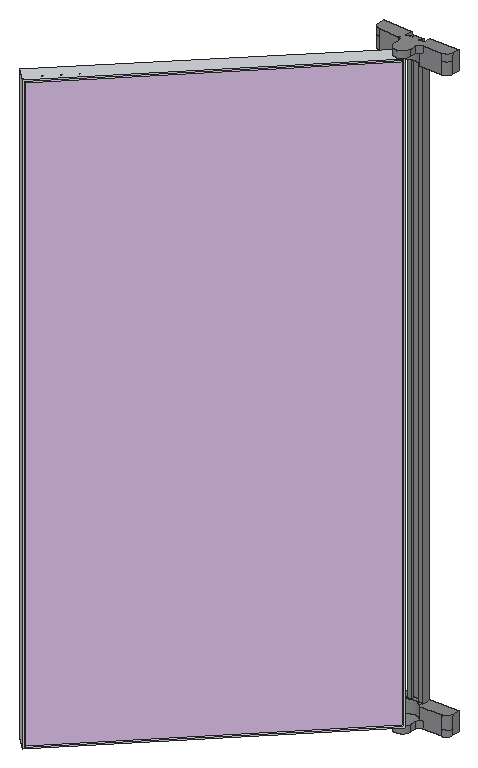
Revit family "Clarus_Flip_R18", category Furniture, host Face, Revit 2018
Family settings
  Host = Face
  Cut with Voids When Loaded = No
  Shared = No
  Room Calculation Point = No
Parameters
  Width = 48"  # constant formula
  URL = "https://www.clarus.com/"
  TRC Standards [instance] = "http://therevitcollection.com/news/trc-news-the-revit-collection-standards-explained/"
  Swing Control [instance] = 135.00°
  Swing Clearance [instance] = yes
  Product URL = "https://www.clarus.com/flip/"
  More Revit Families! [instance] = "www.therevitcollection.com"
  Modeled By = "Commense Studio"  # constant formula
  Model = "Flip"  # constant formula
  Manufacturer = "Clarus"  # constant formula
  Height = 49"  # constant formula
  Frame Finish [instance] = Clarus Gray
  Description = "Why limit a glassboard to one side? Re-think the way work spaces use writable\r\nsurfaces with Flip by Clarus™. Flip allows both sides of a Clarus board to be\r\nutilized for a heightened design aesthetic and elegant functionality."  # constant formula
  Height to Base [instance] = 24"
  Designer = ""
  Depth = 1 215/256"  # constant formula
  Default Elevation = 0"
  Panel A [instance] = Clarus White
  Assembly Code = ""
  Panel B [instance] = Clarus Acoustic Panel - Triangle Grid_Flip
Reference planes (in)
  plane 1 "Center (Front/Back)": y = 0
  plane 2: z = 0
  plane 3 "Center (Left/Right)": x = 0
  plane 4 "L": x = -24
  plane 5 "R": x = 24
  plane 6 "F": y = -1.83984
  plane 7: z = 24
  plane 8: z = 25.5
  plane 9: z = 73
  plane 10: z = 71.5
  plane 11 "BASE": z = 24.5
  plane 12: z = 72.5
Forms (in)
  Extrusion 1, solid, material "Clarus Gray" <- "Frame Finish"
    sketch origin (0, 0, 0) x (1, 0, 0) y (0, 1, 0)
      loop
        line (-2.50462, -1.02865) -> (-0.73338, -1.02865)
        arc (-0.73338, -1.02865) -> (0, -0.67339) -> (0.73338, -1.02865) r 0.9346
        line (0.73338, -1.02865) -> (2.50463, -1.02865)
        arc (2.50463, -1.02865) -> (2.85818, -0.88221) -> (3.00463, -0.52865) r 0.5
        line (3.00463, -0.52865) -> (3.00463, 0) -> (0.747, 0) -> (0.747, -0.57812) -> (0.29688, -0.57812) -> (0.29688, -0.48437) -> (0.42188, -0.48437) -> (0.42188, -0.26562) -> (-0.42187, -0.26562) -> (-0.42187, -0.48437) -> (-0.29687, -0.48437) -> (-0.29687, -0.57812) -> (-0.747, -0.57812) -> (-0.747, 0) -> (-3.00462, 0) -> (-3.00462, -0.52865)
        arc (-3.00462, -0.52865) -> (-2.85818, -0.88221) -> (-2.50462, -1.02865) r 0.5
    from 24 to 25.5
  Extrusion 2, solid, material "Clarus Gray" <- "Frame Finish"
    sketch origin (0, 0, 0) x (1, 0, 0) y (0, 1, 0)
      loop
        line (-2.50462, -1.02865) -> (-0.73338, -1.02865)
        arc (-0.73338, -1.02865) -> (0, -0.67339) -> (0.73338, -1.02865) r 0.9346
        line (0.73338, -1.02865) -> (2.50463, -1.02865)
        arc (2.50463, -1.02865) -> (2.85818, -0.88221) -> (3.00463, -0.52865) r 0.5
        line (3.00463, -0.52865) -> (3.00463, 0) -> (0.747, 0) -> (0.747, -0.57812) -> (0.29688, -0.57812) -> (0.29688, -0.48437) -> (0.42188, -0.48437) -> (0.42188, -0.26562) -> (-0.42187, -0.26562) -> (-0.42187, -0.48437) -> (-0.29687, -0.48437) -> (-0.29687, -0.57812) -> (-0.747, -0.57812) -> (-0.747, 0) -> (-3.00462, 0) -> (-3.00462, -0.52865)
        arc (-3.00462, -0.52865) -> (-2.85818, -0.88221) -> (-2.50462, -1.02865) r 0.5
    from 71.5 to 72.5
  Extrusion 3, solid, material "Clarus Gray" <- "Frame Finish"
    sketch origin (0, 0, 0) x (1, 0, 0) y (0, 1, 0)
      loop
        line (-0.625, -1.40365) -> (-0.625, -1.84115)
        arc (-0.625, -1.84115) -> (0, -2.46615) -> (0.625, -1.84115) r 0.625
        line (0.625, -1.84115) -> (0.625, -1.40365)
        arc (0.625, -1.40365) -> (0.73483, -1.13849) -> (1, -1.02865) r 0.375
        line (1, -1.02865) -> (2.50463, -1.02865)
        arc (2.50463, -1.02865) -> (2.85818, -0.88221) -> (3.00463, -0.52865) r 0.5
        line (3.00463, -0.52865) -> (3.00463, 0) -> (0.747, 0) -> (0.747, -0.57812) -> (0.29688, -0.57812) -> (0.29688, -0.48437) -> (0.42188, -0.48437) -> (0.42188, -0.26562) -> (-0.42187, -0.26562) -> (-0.42187, -0.48437) -> (-0.29687, -0.48437) -> (-0.29687, -0.57812) -> (-0.747, -0.57812) -> (-0.747, 0) -> (-3.00462, 0) -> (-3.00462, -0.52865)
        arc (-3.00462, -0.52865) -> (-2.85818, -0.88221) -> (-2.50462, -1.02865) r 0.5
        line (-2.50462, -1.02865) -> (-1, -1.02865)
        arc (-1, -1.02865) -> (-0.73483, -1.13849) -> (-0.625, -1.40365) r 0.375
    from 72.5 to 73
  Extrusion 4, solid, material "Clarus Gray" <- "Frame Finish"
    sketch origin (0, 0, 0) x (1, 0, 0) y (0, 1, 0)
      loop
        line (-0.625, -1.40365) -> (-0.625, -1.84115)
        arc (-0.625, -1.84115) -> (0, -2.46615) -> (0.625, -1.84115) r 0.625
        line (0.625, -1.84115) -> (0.625, -1.40365)
        arc (0.625, -1.40365) -> (0.73483, -1.13849) -> (1, -1.02865) r 0.375
        line (1, -1.02865) -> (2.50463, -1.02865)
        arc (2.50463, -1.02865) -> (2.85818, -0.88221) -> (3.00463, -0.52865) r 0.5
        line (3.00463, -0.52865) -> (3.00463, 0) -> (0.747, 0) -> (0.747, -0.57812) -> (0.29688, -0.57812) -> (0.29688, -0.48437) -> (0.42188, -0.48437) -> (0.42188, -0.26562) -> (-0.42187, -0.26562) -> (-0.42187, -0.48437) -> (-0.29687, -0.48437) -> (-0.29687, -0.57812) -> (-0.747, -0.57812) -> (-0.747, 0) -> (-3.00462, 0) -> (-3.00462, -0.52865)
        arc (-3.00462, -0.52865) -> (-2.85818, -0.88221) -> (-2.50462, -1.02865) r 0.5
        line (-2.50462, -1.02865) -> (-1, -1.02865)
        arc (-1, -1.02865) -> (-0.73483, -1.13849) -> (-0.625, -1.40365) r 0.375
    from 24 to 24.5
  Extrusion 5, solid, material "Clarus Gray" <- "Frame Finish"
    sketch origin (0, 0, 0) x (1, 0, 0) y (0, 1, 0)
      loop
        line (0.625, -0.57812) -> (0.625, 0) -> (-0.625, 0) -> (-0.625, -0.57812) -> (-0.29687, -0.57812) -> (-0.29687, -0.48437) -> (-0.42187, -0.48437) -> (-0.42187, -0.26562) -> (0.42188, -0.26562) -> (0.42188, -0.48437) -> (0.29688, -0.48437) -> (0.29688, -0.57812) -> (0.625, -0.57812)
    from 24.5 to 72.5
Cuts and joins
  joined: Extrusion 2, Extrusion 3
  joined: Extrusion 1, Extrusion 4
Lines and regions (in)
  symbolic lines, style "FurnitureHiddenLines", visible <- "Swing Clearance"
    curve 1: arc (-24, -1.83984, 0) -> (0, -25.83984, 0) -> (24, -1.83984, 0) r 24
  reference lines
    curve 2: line (0, -1.83984, 24.5) -> (-13.96536, -15.8052, 24.5)
Dimensions and locks (in)
  equal spacing: plane 4 "L", plane 3 "Center (Left/Right)", plane 5 "R"
  "Width": plane 4 "L" to plane 5 "R"
  "Depth": plane 6 "F" to plane 1 "Center (Front/Back)"
  "Height to Base": plane 7 to level
  locked: plane 9 to plane 10 at 1.5
  locked: plane 8 to plane 7 at 1.5
  locked: plane 11 "BASE" to plane 7 at 0.5
  locked: plane 9 to plane 12 at 0.5
  plane 9 to plane 7 = 49"
  "Swing Control": angle curve 2 to plane 6 "F"
  aligned and locked: plane 2 to host face
  aligned and locked: level to host face
  aligned and locked: plane 8 to Extrusion 1
  aligned and locked: Extrusion 1 to plane 7
  aligned and locked: plane 10 to Extrusion 2
  aligned and locked: plane 12 to Extrusion 3
  aligned and locked: Extrusion 3 to plane 9
  aligned and locked: Extrusion 2 to plane 12
  aligned and locked: Extrusion 4 to plane 7
  aligned and locked: plane 11 "BASE" to Extrusion 4
  aligned and locked: Extrusion 5 to plane 11 "BASE"
  aligned and locked: Extrusion 5 to plane 12
  aligned and locked: plane 3 "Center (Left/Right)" to curve 2
  aligned and locked: plane 6 "F" to curve 2
Automatic sketch dimensions
  host sketch curve to host sketch curve = 96"  (x2)
  curve 1 to plane 4 "L" = 0"
  curve 1 to plane 3 "Center (Left/Right)" = 0"
  plane 6 "F" to curve 1 = 0"
  plane 1 "Center (Front/Back)" to Extrusion 1 sketch curve = 0"  (x2)
  Extrusion 1 sketch curve to plane 3 "Center (Left/Right)" = 0"
  Extrusion 1 sketch curve to plane 3 "Center (Left/Right)" = 19/64"
  Extrusion 1 sketch curve to Extrusion 1 sketch curve = 1/8"  (x2)
  Extrusion 1 sketch curve to Extrusion 1 sketch curve = 0.3115"  (x2)
  Extrusion 1 sketch curve to Extrusion 1 sketch curve = 0.32513"  (x2)
  Extrusion 1 sketch curve to plane 6 "F" = 0.81119"
  Extrusion 1 sketch curve to Extrusion 1 sketch curve = 1.77125"  (x2)
  Extrusion 1 sketch curve to Extrusion 1 sketch curve = 1/2"  (x2)
  plane 3 "Center (Left/Right)" to Extrusion 1 sketch curve = 19/64"
  Extrusion 1 sketch curve to plane 6 "F" = 0.23185"
  plane 1 "Center (Front/Back)" to Extrusion 1 sketch curve = 37/64"  (x2)
  Extrusion 1 sketch curve to Extrusion 1 sketch curve = 3/32"  (x2)
  Extrusion 1 sketch curve to Extrusion 1 sketch curve = 7/32"
  plane 1 "Center (Front/Back)" to Extrusion 2 sketch curve = 0"  (x2)
  Extrusion 2 sketch curve to plane 3 "Center (Left/Right)" = 0"
  Extrusion 2 sketch curve to plane 3 "Center (Left/Right)" = 19/64"
  Extrusion 2 sketch curve to Extrusion 2 sketch curve = 1/8"  (x2)
  Extrusion 2 sketch curve to Extrusion 2 sketch curve = 0.3115"  (x2)
  Extrusion 2 sketch curve to Extrusion 2 sketch curve = 0.32513"  (x2)
  Extrusion 2 sketch curve to plane 6 "F" = 0.81119"
  Extrusion 2 sketch curve to Extrusion 2 sketch curve = 1.77125"  (x2)
  Extrusion 2 sketch curve to Extrusion 2 sketch curve = 1/2"  (x2)
  plane 3 "Center (Left/Right)" to Extrusion 2 sketch curve = 19/64"
  Extrusion 2 sketch curve to plane 6 "F" = 0.23185"
  plane 1 "Center (Front/Back)" to Extrusion 2 sketch curve = 37/64"  (x2)
  Extrusion 2 sketch curve to Extrusion 2 sketch curve = 3/32"  (x2)
  Extrusion 2 sketch curve to Extrusion 2 sketch curve = 7/32"
  Extrusion 3 sketch curve to plane 3 "Center (Left/Right)" = 0"
  plane 6 "F" to Extrusion 3 sketch curve = 0.00131"
  Extrusion 3 sketch curve to Extrusion 3 sketch curve = 3/8"
  Extrusion 3 sketch curve to plane 6 "F" = 0.43619"  (x2)
  Extrusion 3 sketch curve to plane 3 "Center (Left/Right)" = 5/8"
  plane 1 "Center (Front/Back)" to Extrusion 3 sketch curve = 0"  (x2)
  Extrusion 3 sketch curve to Extrusion 3 sketch curve = 1/2"  (x2)
  Extrusion 3 sketch curve to plane 3 "Center (Left/Right)" = 0.747"
  Extrusion 3 sketch curve to Extrusion 3 sketch curve = 0.32513"  (x2)
  Extrusion 3 sketch curve to Extrusion 3 sketch curve = 1/8"  (x2)
  plane 3 "Center (Left/Right)" to Extrusion 3 sketch curve = 19/64"
  plane 1 "Center (Front/Back)" to Extrusion 3 sketch curve = 37/64"
  Extrusion 3 sketch curve to Extrusion 3 sketch curve = 3/32"  (x2)
  Extrusion 3 sketch curve to Extrusion 3 sketch curve = 7/32"
  Extrusion 3 sketch curve to Extrusion 3 sketch curve = 1.50463"  (x2)
  Extrusion 3 sketch curve to Extrusion 3 sketch curve = 0.253"
  Extrusion 3 sketch curve to Extrusion 3 sketch curve = 5/16"
  plane 1 "Center (Front/Back)" to Extrusion 4 sketch curve = 0"  (x2)
  Extrusion 4 sketch curve to plane 3 "Center (Left/Right)" = 0"
  Extrusion 4 sketch curve to plane 3 "Center (Left/Right)" = 19/64"
  Extrusion 4 sketch curve to Extrusion 4 sketch curve = 1/8"  (x2)
  plane 6 "F" to Extrusion 4 sketch curve = 0.00131"
  Extrusion 4 sketch curve to Extrusion 4 sketch curve = 5/8"
  Extrusion 4 sketch curve to Extrusion 4 sketch curve = 0.32513"  (x2)
  Extrusion 4 sketch curve to Extrusion 4 sketch curve = 0.253"
  Extrusion 4 sketch curve to Extrusion 4 sketch curve = 1.50463"  (x2)
  Extrusion 4 sketch curve to Extrusion 4 sketch curve = 1/2"  (x2)
  plane 3 "Center (Left/Right)" to Extrusion 4 sketch curve = 19/64"
  Extrusion 4 sketch curve to Extrusion 4 sketch curve = 3/8"
  Extrusion 4 sketch curve to plane 6 "F" = 0.43619"  (x2)
  Extrusion 4 sketch curve to Extrusion 4 sketch curve = 0.45053"
  plane 1 "Center (Front/Back)" to Extrusion 4 sketch curve = 37/64"
  Extrusion 4 sketch curve to Extrusion 4 sketch curve = 3/32"  (x2)
  Extrusion 4 sketch curve to Extrusion 4 sketch curve = 7/32"
  Extrusion 5 sketch curve to plane 3 "Center (Left/Right)" = 19/64"
  Extrusion 5 sketch curve to Extrusion 5 sketch curve = 1/8"  (x2)
  plane 3 "Center (Left/Right)" to Extrusion 5 sketch curve = 19/64"
  plane 1 "Center (Front/Back)" to Extrusion 5 sketch curve = 37/64"  (x2)
  Extrusion 5 sketch curve to Extrusion 5 sketch curve = 3/32"  (x2)
  Extrusion 5 sketch curve to Extrusion 5 sketch curve = 7/32"
  plane 1 "Center (Front/Back)" to Extrusion 5 sketch curve = 0"
  Extrusion 5 sketch curve to Extrusion 5 sketch curve = 13/64"  (x2)
Nested families (in)
  nested 1: "Clarus_Flip Panel_R18" at (0.08075, -1.85596, 24.5) x (0.7071, -0.7071, 0) z (0, 0, 1), Acoustic Panel <- "Panel B", Clarus Glass <- "Panel A", Core Finish <- "Frame Finish", type "Clarus_Flip Panel_R18"
    with Triangle Grid no, TRC Standards "http://therevitcollection.com/news/trc-news-the-revit-collection-standards-explained/", Square-Tangle yes, More Revit Families! "www.therevitcollection.com", Core Finish Clarus Gray, Clarus Glass Clarus White, Acoustic Panel Clarus Acoustic Panel - Triangle Grid_Flip
Definition of nested family "Clarus_Flip Panel_R18"
  Parameters (values of type "Clarus_Flip Panel_R18")
    Width = 1 3/8"
    URL = "https://www.clarus.com/"
    Triangle Grid [instance] = yes
    TRC Standards [instance] = "http://therevitcollection.com/news/trc-news-the-revit-collection-standards-explained/"
    Square-Tangle [instance] = yes
    Product URL = "https://www.clarus.com/"
    More Revit Families! [instance] = "www.therevitcollection.com"
    Modeled By = "Commense Studio"  # constant formula
    Model = "be! Shield"
    Manufacturer = "Clarus"  # constant formula
    Core Finish [instance] = none
    Description = "be! Shield Leg Configs"
    Height = 48"
    Designer = ""
    Depth = 24 1/16"
    Default Elevation = 0"
    Clarus Glass [instance] = none
    Assembly Code = ""
    Acoustic Panel [instance] = none
  Reference planes (in)
    plane 1 "Center (Front/Back)": y = 0
    plane 2: z = 0
    plane 3 "Center (Left/Right)": x = 0
    plane 4 "L": x = -0.6875
    plane 5 "R": x = 0.6875
    plane 6 "F": y = -24.0625
    plane 7: z = 48
    plane 8 "acoustic": x = 0.4375
    plane 9 "glass": x = -0.4375
    plane 10: y = -23.875
    plane 11: y = -0.1875
    plane 12: z = 0.1875
    plane 13: z = 47.8125
  Forms (in)
    Extrusion 1, solid
      sketch origin (0, 0, 0) x (1, 0, 0) y (0, 1, 0)
        loop
          line (-48, 48) -> (-48, -48) -> (48, -48) -> (48, 48) -> (-48, 48)
      from 0 to -12
    Sweep 2, solid
      path origin (0, 0, 0) x (0, 1, 0) y (0, 0, 1)
        loop
          line (0, 0) -> (0, 48) -> (-24.0625, 48) -> (-24.0625, 0) -> (0, 0)
      profile origin (0, 0, 24) x (0, -1, 0) y (1, 0, 0)
        loop
          line (0, -0.6875) -> (0.0625, -0.6875) -> (0.0625, -0.25) -> (1.44057, -0.25) -> (1.44057, 0.125) -> (2.18847, 0.125) -> (2.18847, -0.25) -> (2.31347, -0.25) -> (2.31347, 0.25) -> (1.31557, 0.25) -> (1.31557, -0.125) -> (0.43767, -0.125) -> (0.43767, 0.25) -> (0.0625, 0.25) -> (0.0625, 0.6875) -> (0, 0.6875) -> (0, -0.6875)
    Extrusion 3, solid, material <- "Clarus Glass"
      sketch origin (0, 0, 0) x (1, 0, 0) y (0, 1, 0)
        loop
          line (-0.4375, -23.875) -> (-0.4375, -0.1875) -> (-0.6875, -0.1875) -> (-0.6875, -23.875) -> (-0.4375, -23.875)
      from 0.1875 to 47.8125
    Extrusion 4, solid, material <- "Acoustic Panel"
      sketch origin (0, 0, 0) x (-1, 0, 0) y (0, -1, 0)
        loop
          line (-0.4375, 23.875) -> (-0.6875, 23.875) -> (-0.6875, 0.1875) -> (-0.4375, 0.1875) -> (-0.4375, 23.875)
      from 0.1875 to 47.8125
  Dimensions and locks (in)
    equal spacing: plane 4 "L", plane 3 "Center (Left/Right)", plane 5 "R"
    "Width": plane 4 "L" to plane 5 "R"
    "Depth": plane 6 "F" to plane 1 "Center (Front/Back)"
    "Height": plane 7 to level
    plane 13 to plane 12 = 47 5/8"
    locked: plane 6 "F" to plane 10 at 0.1875
    aligned and locked: plane 2 to Extrusion 1
    aligned and locked: level to Extrusion 1
    aligned and locked: Extrusion 3 to plane 12
    aligned and locked: Extrusion 3 to plane 13
    aligned and locked: Extrusion 4 to plane 11
    aligned and locked: Extrusion 4 to plane 8 "acoustic"
    aligned and locked: plane 5 "R" to Extrusion 4
    aligned and locked: Extrusion 4 to plane 10
  Automatic sketch dimensions
    Extrusion 1 sketch curve to Extrusion 1 sketch curve = 96"  (x2)
    Sweep 2 sketch curve to level = 0"
    Sweep 2 sketch curve to plane 6 "F" = 0"
    Sweep 2 sketch curve to plane 1 "Center (Front/Back)" = 0"
    Sweep 2 sketch curve to plane 7 = 0"
    Sweep 2 sketch curve to profile plane = 0"
    Sweep 2 sketch curve to profile plane = 1/16"
    Sweep 2 sketch curve to Sweep 2 sketch curve = 1/16"
    Sweep 2 sketch curve to plane 3 "Center (Left/Right)" = 1/8"
    Sweep 2 sketch curve to Sweep 2 sketch curve = 0.37517"
    Sweep 2 sketch curve to Sweep 2 sketch curve = 0.87789"
    Sweep 2 sketch curve to Sweep 2 sketch curve = 1/8"  (x3)
    plane 3 "Center (Left/Right)" to Sweep 2 sketch curve = 1/8"
    Sweep 2 sketch curve to Sweep 2 sketch curve = 0.74791"
    Sweep 2 sketch curve to plane 3 "Center (Left/Right)" = 1/4"  (x2)
    Sweep 2 sketch curve to Sweep 2 sketch curve = 7/16"  (x2)
    plane 3 "Center (Left/Right)" to Sweep 2 sketch curve = 1/4"
    Extrusion 3 sketch curve to plane 4 "L" = 0"
    Extrusion 3 sketch curve to plane 9 "glass" = 0"
    Extrusion 3 sketch curve to plane 10 = 0"
    plane 11 to Extrusion 3 sketch curve = 0"
    Extrusion 4 sketch curve to plane 5 "R" = 0"
    Extrusion 4 sketch curve to plane 8 "acoustic" = 0"
    Extrusion 4 sketch curve to plane 10 = 0"
    plane 11 to Extrusion 4 sketch curve = 0"
